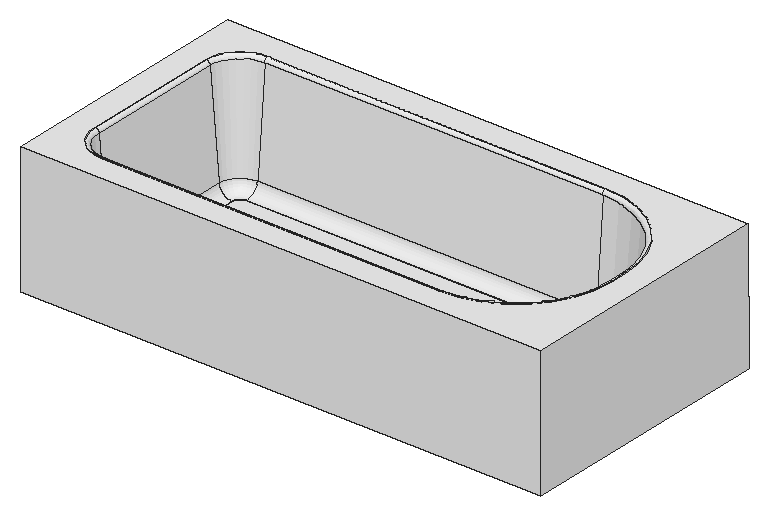
Revit family "Bath Tub", category Plumbing Fixtures, host Wall, Revit 2015
Parameters
  Depth = 762.00 mm
  Height = 380.00 mm
  Material [instance] = Porcelain White
  Width = 1525.00 mm
Reference planes
  plane 1: y = 0
  plane 2: y = 76.2
  plane 3: y = 838.2
  plane 4: x = -1110.603
  plane 5: x = 414.397
  plane 6: y = 457.2
  plane 7: x = -348.103
  plane 8: z = 380
  plane 9: z = 360.95
Forms (mm)
  Sweep 1, solid, material "Porcelain White" <- "Material"
    path origin (0, 0, 380) x (0, 1, 0) y (-1, 0, 0)
      loop
        line (762, -58.797) -> (762, 932.803)
        arc (762, 932.803) -> (732.242, 1004.645) -> (660.4, 1034.403) r 101.6
        line (660.4, 1034.403) -> (254, 1034.403)
        arc (254, 1034.403) -> (182.158, 1004.645) -> (152.4, 932.803) r 101.6
        line (152.4, 932.803) -> (152.4, -58.797)
        arc (152.4, -58.797) -> (234.234, -256.363) -> (431.8, -338.197) r 279.4
        line (431.8, -338.197) -> (482.6, -338.197)
        arc (482.6, -338.197) -> (680.166, -256.363) -> (762, -58.797) r 279.4
    profile origin (-437.003, 0, 380) x (0, -1, 0) y (0, 0, 1)
      loop
        line (-762, 0) -> (-762, -364.136) -> (-685.396, -364.136) -> (-685.396, -345.086)
        arc (-685.396, -345.086) -> (-711.136, -335.077) -> (-723.351, -310.307) r 38.1
        line (-723.351, -310.307) -> (-749.522, -11.177)
        arc (-749.522, -11.177) -> (-753.624, -3.203) -> (-762, 0) r 12.554
  Extrusion 2, solid, material "Porcelain White" <- "Material"
    sketch origin (58.797, 431.8, 15.864) x (0, -1, 0) y (1, 0, 0)
      loop
        arc (-253.596, -991.6) -> (-246.275, -1009.275) -> (-228.6, -1016.596) r 24.996
        line (-228.6, -1016.596) -> (177.8, -1016.596)
        arc (177.8, -1016.596) -> (195.475, -1009.275) -> (202.796, -991.6) r 24.996
        line (202.796, -991.6) -> (202.796, 0)
        arc (202.796, 0) -> (143.399, 143.399) -> (0, 202.796) r 202.796
        line (0, 202.796) -> (-50.8, 202.796)
        arc (-50.8, 202.796) -> (-194.199, 143.399) -> (-253.596, 0) r 202.796
        line (-253.596, 0) -> (-253.596, -991.6)
      loop
        circle (-25.4, -972.394) r 22.225
    from 0 to 19.05
  Extrusion 3, solid, material "Porcelain White" <- "Material"
    sketch origin (0, 0, 0) x (1, 0, 0) y (0, 1, 0)
      loop
        line (-1110.603, 838.2) -> (-1110.603, 76.2) -> (414.397, 76.2) -> (414.397, 838.2) -> (-1110.603, 838.2)
      loop
        line (-1091.553, 819.15) -> (-1091.553, 95.25) -> (395.347, 95.25) -> (395.347, 819.15) -> (-1091.553, 819.15)
    from 0 to 360.95
  Extrusion 4, solid, material "Porcelain White" <- "Material"
    sketch origin (0, 0, 380) x (0, 1, 0) y (-1, 0, 0)
      loop
        line (838.2, 1110.603) -> (76.2, 1110.603) -> (76.2, -414.397) -> (838.2, -414.397) -> (838.2, 1110.603)
      loop
        line (762, -58.797) -> (762, 932.803)
        arc (762, 932.803) -> (732.242, 1004.645) -> (660.4, 1034.403) r 101.6
        line (660.4, 1034.403) -> (254, 1034.403)
        arc (254, 1034.403) -> (182.158, 1004.645) -> (152.4, 932.803) r 101.6
        line (152.4, 932.803) -> (152.4, -58.797)
        arc (152.4, -58.797) -> (234.234, -256.363) -> (431.8, -338.197) r 279.4
        line (431.8, -338.197) -> (482.6, -338.197)
        arc (482.6, -338.197) -> (680.166, -256.363) -> (762, -58.797) r 279.4
    from 0 to -19.05
Cuts and joins
  joined: Extrusion 3, Extrusion 4
Lines and regions (mm)
  Masking region 1
    outline origin (0, 0, 0) x (1, 0, 0) y (0, 1, 0)
      loop
        line (-1110.603, 838.2) -> (-1110.603, 76.2) -> (414.397, 76.2) -> (414.397, 838.2) -> (-1110.603, 838.2)
  symbolic lines
    curve 1: line (-932.803, 152.4, 0) -> (58.797, 152.4, 0)
    curve 2: line (-1034.403, 660.4, 0) -> (-1034.403, 254, 0)
    curve 3: line (58.797, 762, 0) -> (-932.803, 762, 0)
    curve 4: line (338.197, 431.8, 0) -> (338.197, 482.6, 0)
    curve 5: arc (-932.803, 762, 0) -> (-1004.645, 732.242, 0) -> (-1034.403, 660.4, 0) r 101.6
    curve 6: arc (-1034.403, 254, 0) -> (-1004.645, 182.158, 0) -> (-932.803, 152.4, 0) r 101.6
    curve 7: arc (58.797, 762, 0) -> (256.363, 680.166, 0) -> (338.197, 482.6, 0) r 279.4
    curve 8: arc (338.197, 431.8, 0) -> (256.363, 234.234, 0) -> (58.797, 152.4, 0) r 279.4
    curve 9: arc (-913.597, 479.425, 0) -> (-891.372, 457.2, 0) -> (-913.597, 434.975, 0) r 22.225
    curve 10: arc (-913.597, 434.975, 0) -> (-935.822, 457.2, 0) -> (-913.597, 479.425, 0) r 22.225
Text (mm)
  text "Interior" at (0, 975.983, 732.49), in view "Right"
  text "Interior" at (0, 649.11, 765.354), in view "Left"
Dimensions and locks
  equal spacing: plane 4, plane 7, plane 5
  "Width": plane 4 to plane 5
  equal spacing: plane 2, plane 6, plane 3
  "Depth": plane 2 to plane 3
  "Height": host wall to plane 8
  locked: plane 9 to plane 8 at 19.05
  aligned and locked: plane 2 to host wall
  aligned and locked: Sweep 1 sketch curve to Extrusion 4  (x2)
  aligned and locked: Extrusion 2 sketch curve to Sweep 1  (x2)
  aligned and locked: Sweep 1 to Extrusion 4
  aligned and locked: Extrusion 3 to plane 9
  aligned and locked: plane 3 to Masking region 1 sketch curve
  aligned and locked: plane 4 to Masking region 1 sketch curve
  aligned and locked: Masking region 1 sketch curve to plane 5
  aligned and locked: Masking region 1 sketch curve to plane 2
Automatic sketch dimensions
  Sweep 1 sketch curve to plane 8 = 0.00 mm
  Sweep 1 sketch curve to profile plane = 0.00 mm
  plane 8 to Sweep 1 sketch curve = 11.177 mm
  Sweep 1 sketch curve to profile plane = 12.478 mm
  Sweep 1 sketch curve to profile plane = 38.649 mm
  Sweep 1 sketch curve to Sweep 1 sketch curve = 37.955 mm
  Sweep 1 sketch curve to Sweep 1 sketch curve = 295.81 mm
  Sweep 1 sketch curve to Sweep 1 sketch curve = 3.321 mm
  Sweep 1 sketch curve to Sweep 1 sketch curve = 19.05 mm
  Extrusion 3 sketch curve to plane 3 = 0.00 mm
  Extrusion 3 sketch curve to plane 4 = 0.00 mm
  Extrusion 3 sketch curve to plane 2 = 0.00 mm
  Extrusion 3 sketch curve to plane 5 = 0.00 mm
  plane 4 to Extrusion 3 sketch curve = 19.05 mm
  Extrusion 3 sketch curve to Extrusion 3 sketch curve = 19.05 mm
  Extrusion 3 sketch curve to plane 2 = 19.05 mm
  plane 3 to Extrusion 3 sketch curve = 19.05 mm
  Extrusion 4 sketch curve to plane 2 = 0.00 mm
  Extrusion 4 sketch curve to plane 3 = 0.00 mm
  Extrusion 4 sketch curve to plane 2 = 76.20 mm
  plane 4 to Extrusion 4 sketch curve = 76.20 mm
  Extrusion 4 sketch curve to Extrusion 4 sketch curve = 101.60 mm
  plane 6 to Extrusion 4 sketch curve = 25.40 mm
  Extrusion 4 sketch curve to plane 6 = 25.40 mm
  Extrusion 4 sketch curve to Extrusion 4 sketch curve = 177.80 mm
  plane 3 to Extrusion 4 sketch curve = 76.20 mm
  Extrusion 4 sketch curve to plane 5 = 0.00 mm
  Extrusion 4 sketch curve to plane 4 = 0.00 mm
  Extrusion 4 sketch curve to plane 5 = 76.20 mm
  Sweep 1 sketch curve to Sweep 1 sketch curve = 101.60 mm
  plane 6 to Sweep 1 sketch curve = 25.40 mm
  Sweep 1 sketch curve to plane 6 = 25.40 mm
  plane 3 to Sweep 1 sketch curve = 177.80 mm
  plane 3 to Sweep 1 sketch curve = 76.20 mm
  plane 4 to Sweep 1 sketch curve = 177.80 mm
  Extrusion 2 sketch curve to plane 6 = 0.00 mm
  Extrusion 2 sketch curve to Extrusion 2 sketch curve = 22.225 mm
  Extrusion 2 sketch curve to plane 6 = 25.40 mm
  plane 3 to Extrusion 2 sketch curve = 177.80 mm
  plane 3 to Extrusion 2 sketch curve = 152.804 mm
  plane 6 to Extrusion 2 sketch curve = 25.40 mm
  Extrusion 2 sketch curve to Extrusion 2 sketch curve = 24.996 mm
  plane 4 to Extrusion 2 sketch curve = 197.006 mm
  plane 4 to Extrusion 2 sketch curve = 177.80 mm
  curve 10 to plane 6 = 0.00 mm
  plane 4 to curve 2 = 76.20 mm
  host wall to curve 1 = 76.20 mm
  curve 6 to curve 1 = 101.60 mm
  plane 3 to curve 5 = 76.20 mm
  curve 2 to curve 5 = 101.60 mm
  plane 6 to curve 10 = 22.225 mm
  curve 6 to curve 10 = 19.206 mm
  curve 3 to plane 5 = 355.60 mm
  curve 1 to curve 7 = 0.00 mm
  plane 6 to curve 8 = 25.40 mm
